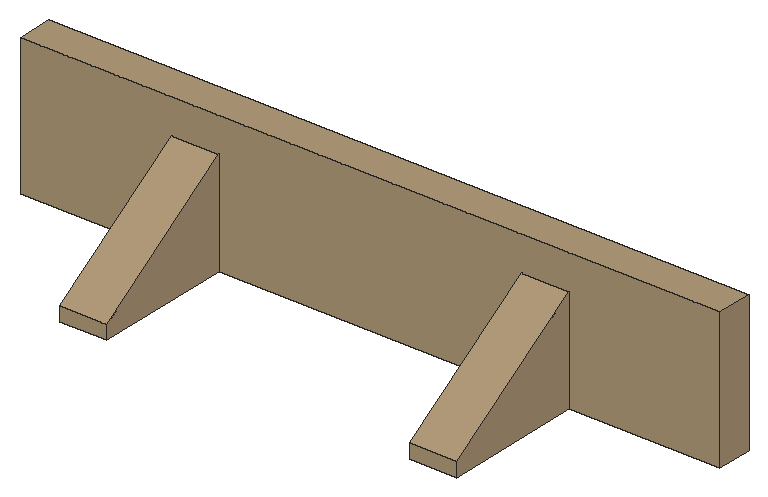
Revit family "Mantel_NativeCustomStone", category Generic Models, Revit 2013
Parameters
  Warranty Duration (Years) = 50
  Unit Width = 5' - 0"
  URL = "http://www.nativecustomstone.com/"
  Test Data = "http://www.nativecustomstone.com/specs/testing-and-ics-esr-report"
  Specification = "http://www.nativecustomstone.com/specs/3-part-spec"
  Send Message = "http://www.arcat.com/users.pl?action=UserEmail&company=Native+Custom+Stone&coid=48056&rep=152&fax=706-216-5550&mf="
  Sales Information = "http://www.nativecustomstone.com/contact"
  Revision = "R1_10-2012"
  Product Properties = "http://www.nativecustomstone.com/specs/spec-data-sheet"
  Product Data = "http://www.arcat.com/arcatcos/cos48/arc48056.html"
  Model = "As Specified in 04 73 00"
  Material = Native-Custom-Stone_Accessory-Material_Buff-Color
  Manufacturer Website = "www.nativecstone.com"
  Manufacturer Phone - Toll Free = "888-823-0745"
  Manufacturer Phone = "706-216-5545"
  Manufacturer Fax = "706-216-5550"
  Manufacturer Email = "http://www.arcat.com/users.pl?action=UserEmail&company=Native+Custom+Stone&coid=48056&rep=152&fax=706-216-5550&mf="
  Manufacturer Address = "236 Hightower Pkwy. Dawsonville, GA 30534"
  Manufacturer = "Native Custom Stone"
  Maintenance Schedule (Months) = 12
  Keynote = "04 73 00"
  Installation-Fabrication = "http://www.nativecustomstone.com/specs/stone-installation-and-accessory-details"
  Installation Phase = "Masonry Finishes"
  Green Building-LEED = "http://www.nativecustomstone.com/specs/native-custom-stone-for-leeds-projects"
  Drawn By = "Sumex Design, Inc."
  Description = "Mantel as Specified in 04 73 00"
  Default Elevation = 0' - 0"
  Copyright = "©Arcat Inc."
  Construction Details = "http://www.nativecustomstone.com/specs/stone-installation-and-accessory-details"
  Company_ID = 48056
  Assembly Code = "B2010100"
Reference planes (in)
  plane 1 "Center (Front/Back)": y = 0
  plane 2: z = 0
  plane 3 "Center (Left/Right)": x = 0
  plane 4: x = -30
  plane 5: x = 30
  plane 6: y = 7.5
  plane 7: y = -7.5
  plane 8: z = 12
  plane 9: x = -15
  plane 10: x = 15
  plane 11: x = -13
  plane 12: x = -17
  plane 13: x = 13
  plane 14: x = 17
Forms (in)
  Sweep 1, solid, material "Native-Custom-Stone_Accessory-Material_Buff-Color" <- "Material"
    path origin (0, 0, 0) x (1, 0, 0) y (0, 1, 0)
      loop
        line (30, 7.5) -> (-30, 7.5)
    profile origin (0, 7.5, 0) x (0, -1, 0) y (0, 0, 1)
      loop
        line (0, 0) -> (3, 0) -> (3, 12) -> (0, 12) -> (0, 0)
  Sweep 2, solid, material "Native-Custom-Stone_Accessory-Material_Buff-Color" <- "Material"
    path origin (0, 0, 0) x (1, 0, 0) y (0, 1, 0)
      loop
        line (-13, -7.5) -> (-17, -7.5)
    profile origin (-15, -7.5, 0) x (0, -1, 0) y (0, 0, 1)
      loop
        line (0, 0) -> (0, 1.20711) -> (-12, 9) -> (-12, 0) -> (0, 0)
  Sweep 3, solid, material "Native-Custom-Stone_Accessory-Material_Buff-Color" <- "Material"
    path origin (0, 0, 0) x (1, 0, 0) y (0, 1, 0)
      loop
        line (17, -7.5) -> (13, -7.5)
    profile origin (15, -7.5, 0) x (0, -1, 0) y (0, 0, 1)
      loop
        line (0, 0) -> (0, 1.20711) -> (-12, 9) -> (-12, 0) -> (0, 0)
Dimensions and locks (in)
  equal spacing: plane 4, plane 3 "Center (Left/Right)", plane 5
  equal spacing: plane 7, plane 1 "Center (Front/Back)", plane 6
  locked: plane 7 to plane 6 at 15
  "Unit Width": plane 4 to plane 5
  locked: plane 8 to level at 12
  equal spacing: plane 3 "Center (Left/Right)", plane 10, plane 5
  equal spacing: plane 4, plane 9, plane 3 "Center (Left/Right)"
  plane 13 to plane 10 to plane 14 = 0' - 2" locked, 0' - 2" locked
  plane 12 to plane 9 to plane 11 = 0' - 2" locked, 0' - 2" locked
  aligned and locked: Sweep 1 sketch curve to plane 6
  aligned and locked: plane 4 to Sweep 1 sketch curve
  aligned and locked: plane 5 to Sweep 1 sketch curve
  aligned and locked: Sweep 2 sketch curve to plane 7
  aligned and locked: plane 11 to Sweep 2 sketch curve
  aligned and locked: plane 12 to Sweep 2 sketch curve
  aligned and locked: Sweep 3 sketch curve to plane 7
  aligned and locked: plane 13 to Sweep 3 sketch curve
  aligned and locked: plane 14 to Sweep 3 sketch curve
Automatic sketch dimensions
  Sweep 1 sketch curve to profile plane = 0' - 0"
  Sweep 1 sketch curve to level = 0' - 0"
  Sweep 1 sketch curve to profile plane = 0' - 3"
  level to Sweep 1 sketch curve = 1' - 0"
  Sweep 2 sketch curve to level = 0' - 0"
  profile plane to Sweep 2 sketch curve = 1' - 0"
  profile plane to Sweep 2 sketch curve = 0' - 0"
  Sweep 2 sketch curve to Sweep 2 sketch curve = 0' - 1.20711"
  level to Sweep 2 sketch curve = 0' - 9"
  Sweep 3 sketch curve to level = 0' - 0"
  profile plane to Sweep 3 sketch curve = 1' - 0"
  level to Sweep 3 sketch curve = 0' - 1.20711"
  profile plane to Sweep 3 sketch curve = 0' - 0"
  level to Sweep 3 sketch curve = 0' - 9"
